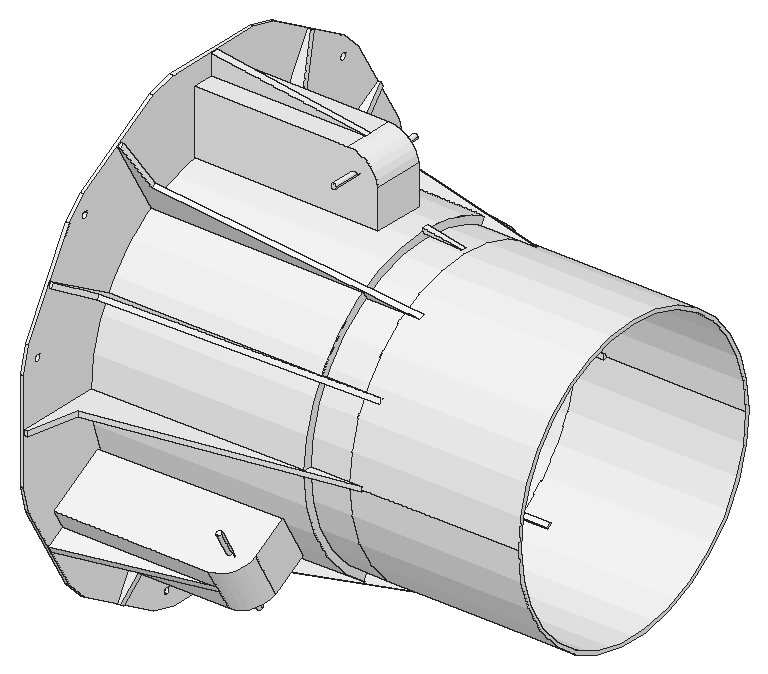
Revit family "H150S-RR", category Pipe Accessories, Revit 2016
Family settings
  Part Type = Normal
  Round Connector Dimension = Use Diameter
  Work Plane-Based = No
  Always vertical = No
  Cut with Voids When Loaded = Yes
  Shared = No
Parameters
  Cut Depth Offset [instance] = Cut Depth + 1 mm  # 1 mm
  Cut Depth [instance] = 0 mm
Reference planes
  plane 1 "Center (Front/Back)": y = 0
  plane 2: z = 0
  plane 3 "Center (Left/Right)": x = 21
  plane 4: x = -230
  plane 5: x = -80
  plane 6: y = 90.593
  plane 7: y = -50
  plane 8: y = 100.593
  plane 9: y = -60
  plane 10: x = -99.679
  plane 11: x = -79.975
Forms (mm)
  Revolve 1, solid, material "PVC-White", detail levels medium+fine
    sketch origin (0, 0, 0) x (1, 0, 0) y (0, 1, 0)
      loop
        line (-227.967, -90.913) -> (-102.967, -89.384) -> (-102.967, -84.925) -> (-79.996, -84.925) -> (21, -84.925) -> (21, -83.083) -> (-79.975, -83.083) -> (-105.12, -83.083) -> (-105.12, -86.915) -> (-230, -88.572) -> (-230, -143.5) -> (-227.967, -143.5) -> (-227.967, -90.913)
      axis (-230, 0) -> (21, 0)
    angle from 0 to 360
  Extrusion 2, void
    sketch origin (-227.967, 0, 0) x (0, 1, 0) y (0, 0, -1)
      loop
        line (-37.614, -140.376) -> (37.614, -140.376) -> (102.762, -102.762) -> (140.376, -37.614) -> (140.376, 37.614) -> (102.762, 102.762) -> (37.614, 140.376) -> (-37.614, 140.376) -> (-102.762, 102.762) -> (-140.376, 37.614) -> (-140.376, -37.614) -> (-102.762, -102.762) -> (-37.614, -140.376)
      loop
        circle (0, 0) r 162.092
    from 0 to 2.033
  Extrusion 3, void
    sketch origin (-227.967, 0, 0) x (0, 1, 0) y (0, 0, -1)
      loop
        circle (-95.441, -95.441) r 2.129
      loop
        circle (-130.375, -34.934) r 2.129
      loop
        circle (130.371, -34.948) r 2.129
      loop
        circle (95.43, -95.452) r 2.129
      loop
        circle (-34.934, 130.375) r 2.129
      loop
        circle (34.934, 130.375) r 2.129
    from 0 to 2.033
  Extrusion 4, solid, material "PVC-White", detail levels fine
    sketch origin (0, 0, 0) x (1, 0, 0) y (0, 0, 1)
      loop
        line (-79.996, 87.342) -> (-102.967, 91.303) -> (-102.967, 88.675) -> (-79.996, 87.342)
    from -1.5 to 1.5
  Extrusion 5, solid, material "PVC-White", detail levels fine
    sketch origin (0, 0, 0) x (1, 0, 0) y (0, 0, 1)
      loop
        line (-227.967, 140.376) -> (-227.967, 128.221) -> (-136.488, 128.221) -> (-227.967, 140.376)
    from -2 to 2
  Extrusion 6, solid, material "PVC-White", not visible, detail levels fine
    sketch origin (0, 0, 0) x (1, 0, 0) y (0, 0, 1)
      loop
        line (-80, 60.418) -> (-227.967, 86.048) -> (-227.967, 69.12) -> (-80, 60.418)
    from -1.5 to 1.5
  Extrusion 7, solid, material "PVC-White", not visible, detail levels fine
    sketch origin (0, 0, 0) x (1, 0, 0) y (0, -0.5, 0.866025)
      loop
        line (-80, 60.418) -> (-227.967, 86.048) -> (-227.967, 69.12) -> (-80, 60.418)
    from -1.5 to 1.5
  Extrusion 8, solid, material "PVC-White", not visible, detail levels fine
    sketch origin (0, 0, 0) x (1, 0, 0) y (0, -0.866025, 0.5)
      loop
        line (-80, 60.418) -> (-227.967, 86.048) -> (-227.967, 69.12) -> (-80, 60.418)
    from -1.5 to 1.5
  Extrusion 9, solid, material "PVC-White", not visible, detail levels fine
    sketch origin (0, 0, 0) x (0, -1, 0) y (-1, 0, 0)
      loop
        line (60.418, 80) -> (86.048, 227.967) -> (69.12, 227.967) -> (60.418, 80)
    from -1.5 to 1.5
  Extrusion 10, solid, material "PVC-White", not visible, detail levels fine
    sketch origin (0, 0, 0) x (1, 0, 0) y (0, -0.866025, -0.5)
      loop
        line (-80, 60.418) -> (-227.967, 86.048) -> (-227.967, 69.12) -> (-80, 60.418)
    from -1.5 to 1.5
  Extrusion 11, solid, material "PVC-White", not visible, detail levels fine
    sketch origin (0, 0, 0) x (1, 0, 0) y (0, -0.5, -0.866025)
      loop
        line (-80, 60.418) -> (-227.967, 86.048) -> (-227.967, 69.12) -> (-80, 60.418)
    from -1.5 to 1.5
  Extrusion 12, solid, material "PVC-White", not visible, detail levels fine
    sketch origin (0, 0, 0) x (1, 0, 0) y (0, 0, -1)
      loop
        line (-80, 60.418) -> (-227.967, 86.048) -> (-227.967, 69.12) -> (-80, 60.418)
    from -1.5 to 1.5
  Extrusion 13, solid, material "PVC-White", not visible, detail levels fine
    sketch origin (0, 0, 0) x (1, 0, 0) y (0, 0.5, -0.866025)
      loop
        line (-80, 60.418) -> (-227.967, 86.048) -> (-227.967, 69.12) -> (-80, 60.418)
    from -1.5 to 1.5
  Extrusion 14, solid, material "PVC-White", not visible, detail levels fine
    sketch origin (0, 0, 0) x (1, 0, 0) y (0, 0.866025, -0.5)
      loop
        line (-80, 60.418) -> (-227.967, 86.048) -> (-227.967, 69.12) -> (-80, 60.418)
    from -1.5 to 1.5
  Extrusion 15, solid, material "PVC-White", not visible, detail levels fine
    sketch origin (0, 0, 0) x (1, 0, 0) y (0, 1, 0)
      loop
        line (-80, 60.418) -> (-227.967, 86.048) -> (-227.967, 69.12) -> (-80, 60.418)
    from -1.5 to 1.5
  Extrusion 16, solid, material "PVC-White", not visible, detail levels fine
    sketch origin (0, 0, 0) x (1, 0, 0) y (0, 0.866025, 0.5)
      loop
        line (-80, 60.418) -> (-227.967, 86.048) -> (-227.967, 69.12) -> (-80, 60.418)
    from -1.5 to 1.5
  Extrusion 17, solid, material "PVC-White", not visible, detail levels fine
    sketch origin (0, 0, 0) x (1, 0, 0) y (0, 0.5, 0.866025)
      loop
        line (-80, 60.418) -> (-227.967, 86.048) -> (-227.967, 69.12) -> (-80, 60.418)
    from -1.5 to 1.5
  Extrusion 18, solid, material "PVC-White", detail levels fine
    sketch origin (24.405, 0, 35.275) x (1, 0, 0) y (0, 0, 1)
      loop
        circle (-157.362, 79.878) r 1.5
    from -30 to 30
  Extrusion 19, void
    sketch origin (21, 0, 0) x (0, 1, 0) y (0, 0, -1)
      loop
        circle (0, 0) r 120
    from 0 to 1 <- "Cut Depth Offset"
  Extrusion 20, solid, material "PVC-White", detail levels fine
    sketch origin (0, 0, -12.155) x (1, 0, 0) y (0, 0, 1)
      loop
        line (-227.967, 103.119) -> (-118.976, 101.786) -> (-118.976, 124.831)
        arc (-118.976, 124.831) -> (-124.78, 135.929) -> (-136.488, 140.376) r 17.637
        line (-136.488, 140.376) -> (-227.967, 140.376) -> (-227.967, 103.119)
    from -15 to 15
  Extrusion 21, solid, material "PVC-White", detail levels fine
    sketch origin (0, 0, 0) x (1, 0, 0) y (0, 0.866025, -0.5)
      loop
        line (-227.967, 140.376) -> (-227.967, 95.93) -> (-79.996, 87.342) -> (-219.126, 111.334) -> (-225.831, 140.376) -> (-227.967, 140.376)
    from -1.5 to 1.5
  Extrusion 22, solid, material "PVC-White", not visible, detail levels fine
    sketch origin (0, 0, 0) x (1, 0, 0) y (0, 0, 1)
      loop
        line (-227.967, 140.376) -> (-227.967, 128.221) -> (-136.488, 128.221) -> (-227.967, 140.376)
    from -2 to 2
  Extrusion 23, solid, material "PVC-White", not visible, detail levels fine
    sketch origin (24.405, 0, 35.275) x (1, 0, 0) y (0, 0, 1)
      loop
        circle (-157.362, 79.878) r 1.5
    from -30 to 30
  Extrusion 24, solid, material "PVC-White", not visible, detail levels fine
    sketch origin (0, 0, -12.155) x (1, 0, 0) y (0, 0, 1)
      loop
        line (-227.967, 103.119) -> (-118.976, 101.786) -> (-118.976, 124.831)
        arc (-118.976, 124.831) -> (-124.78, 135.929) -> (-136.488, 140.376) r 17.637
        line (-136.488, 140.376) -> (-227.967, 140.376) -> (-227.967, 103.119)
    from -15 to 15
  Extrusion 25, solid, material "PVC-White", detail levels fine
    sketch origin (0, 0, 0) x (1, 0, 0) y (0, 0.866025, -0.5)
      loop
        line (-227.967, 140.376) -> (-227.967, 128.221) -> (-136.488, 128.221) -> (-227.967, 140.376)
    from -2 to 2
  Extrusion 26, solid, material "PVC-White", detail levels fine
    sketch origin (24.405, 30.549, -17.637) x (1, 0, 0) y (0, 0.866025, -0.5)
      loop
        circle (-157.362, 79.878) r 1.5
    from -30 to 30
  Extrusion 27, solid, material "PVC-White", detail levels fine
    sketch origin (0, -10.526, 6.077) x (1, 0, 0) y (0, 0.866025, -0.5)
      loop
        line (-227.967, 103.119) -> (-118.976, 101.786) -> (-118.976, 124.831)
        arc (-118.976, 124.831) -> (-124.78, 135.929) -> (-136.488, 140.376) r 17.637
        line (-136.488, 140.376) -> (-227.967, 140.376) -> (-227.967, 103.119)
    from -15 to 15
  Extrusion 28, solid, material "PVC-White", detail levels fine
    sketch origin (0, 0, 0) x (1, 0, 0) y (0, -0.866025, -0.5)
      loop
        line (-227.967, 140.376) -> (-227.967, 128.221) -> (-136.488, 128.221) -> (-227.967, 140.376)
    from -2 to 2
  Extrusion 29, solid, material "PVC-White", detail levels fine
    sketch origin (24.405, -30.549, -17.637) x (1, 0, 0) y (0, -0.866025, -0.5)
      loop
        circle (-157.362, 79.878) r 1.5
    from -30 to 30
  Extrusion 30, solid, material "PVC-White", detail levels fine
    sketch origin (0, 10.526, 6.077) x (1, 0, 0) y (0, -0.866025, -0.5)
      loop
        line (-227.967, 103.119) -> (-118.976, 101.786) -> (-118.976, 124.831)
        arc (-118.976, 124.831) -> (-124.78, 135.929) -> (-136.488, 140.376) r 17.637
        line (-136.488, 140.376) -> (-227.967, 140.376) -> (-227.967, 103.119)
    from -15 to 15
  Extrusion 31, solid, material "PVC-White", detail levels fine
    sketch origin (0, 0, 0) x (1, 0, 0) y (0, 0, -1)
      loop
        line (-227.967, 140.376) -> (-227.967, 82.232) -> (-62.967, 82.232) -> (-62.967, 83.05) -> (-219.126, 111.334) -> (-225.831, 140.376) -> (-227.967, 140.376)
    from -1.5 to 1.5
  Extrusion 32, solid, material "PVC-White", detail levels fine
    sketch origin (0, 0, 0) x (1, 0, 0) y (0, 0.5, -0.866025)
      loop
        line (-227.967, 140.376) -> (-227.967, 82.232) -> (-62.967, 82.232) -> (-62.967, 83.05) -> (-219.126, 111.334) -> (-225.831, 140.376) -> (-227.967, 140.376)
    from -1.5 to 1.5
  Extrusion 33, solid, material "PVC-White", detail levels fine
    sketch origin (0, 0, 0) x (1, 0, 0) y (0, 1, 0)
      loop
        line (-227.967, 140.376) -> (-227.967, 82.232) -> (-62.967, 82.232) -> (-62.967, 83.05) -> (-219.126, 111.334) -> (-225.831, 140.376) -> (-227.967, 140.376)
    from -1.5 to 1.5
  Extrusion 34, solid, material "PVC-White", detail levels fine
    sketch origin (0, 0, 0) x (1, 0, 0) y (0, 0.866025, 0.5)
      loop
        line (-227.967, 140.376) -> (-227.967, 82.232) -> (-62.967, 82.232) -> (-62.967, 83.05) -> (-219.126, 111.334) -> (-225.831, 140.376) -> (-227.967, 140.376)
    from -1.5 to 1.5
  Extrusion 35, solid, material "PVC-White", detail levels fine
    sketch origin (0, 0, 0) x (1, 0, 0) y (0, 0.5, 0.866025)
      loop
        line (-227.967, 140.376) -> (-227.967, 82.232) -> (-62.967, 82.232) -> (-62.967, 83.05) -> (-219.126, 111.334) -> (-225.831, 140.376) -> (-227.967, 140.376)
    from -1.5 to 1.5
  Extrusion 36, solid, material "PVC-White", detail levels fine
    sketch origin (0, 0, 0) x (1, 0, 0) y (0, -0.5, 0.866025)
      loop
        line (-227.967, 140.376) -> (-227.967, 82.232) -> (-62.967, 82.232) -> (-62.967, 83.05) -> (-219.126, 111.334) -> (-225.831, 140.376) -> (-227.967, 140.376)
    from -1.5 to 1.5
  Extrusion 37, solid, material "PVC-White", detail levels fine
    sketch origin (0, 0, 0) x (1, 0, 0) y (0, -0.866025, 0.5)
      loop
        line (-227.967, 140.376) -> (-227.967, 82.232) -> (-62.967, 82.232) -> (-62.967, 83.05) -> (-219.126, 111.334) -> (-225.831, 140.376) -> (-227.967, 140.376)
    from -1.5 to 1.5
  Extrusion 38, solid, material "PVC-White", detail levels fine
    sketch origin (0, 0, 0) x (0, -1, 0) y (-1, 0, 0)
      loop
        line (140.376, 227.967) -> (82.232, 227.967) -> (82.232, 62.967) -> (83.05, 62.967) -> (111.334, 219.126) -> (140.376, 225.831) -> (140.376, 227.967)
    from -1.5 to 1.5
  Extrusion 39, solid, material "PVC-White", detail levels fine
    sketch origin (0, 0, 0) x (1, 0, 0) y (0, -0.5, -0.866025)
      loop
        line (-227.967, 140.376) -> (-227.967, 82.232) -> (-62.967, 82.232) -> (-62.967, 83.05) -> (-219.126, 111.334) -> (-225.831, 140.376) -> (-227.967, 140.376)
    from -1.5 to 1.5
Cuts and joins
  Extrusion 2, Extrusion 3, Extrusion 19 cuts Revolve 1
Dimensions and locks
  Extrusion 6 sketch curve to Extrusion 6 sketch curve = 0 mm
  Extrusion 7 sketch curve to Extrusion 7 sketch curve = 0 mm
  Extrusion 8 sketch curve to Extrusion 8 sketch curve = 0 mm
  Extrusion 9 sketch curve to Extrusion 9 sketch curve = 0 mm
  Extrusion 10 sketch curve to Extrusion 10 sketch curve = 0 mm
  Extrusion 11 sketch curve to Extrusion 11 sketch curve = 0 mm
  Extrusion 12 sketch curve to Extrusion 12 sketch curve = 0 mm
  Extrusion 13 sketch curve to Extrusion 13 sketch curve = 0 mm
  Extrusion 14 sketch curve to Extrusion 14 sketch curve = 0 mm
  Extrusion 15 sketch curve to Extrusion 15 sketch curve = 0 mm
  Extrusion 16 sketch curve to Extrusion 16 sketch curve = 0 mm
  Extrusion 17 sketch curve to Extrusion 17 sketch curve = 0 mm
  plane 4 to cut or joined group of Revolve 1, Extrusion 2, Extrusion 3, Extrusion 19 = 250 mm
  aligned and locked: level to plane 2
  aligned and locked: plane 1 "Center (Front/Back)" to Revolve 1 sketch curve
  aligned and locked: plane 3 "Center (Left/Right)" to Extrusion 19
Connectors
  piping at (-99.679, 0, 0), diameter 100
    settings: on plane 10, index 4, connector inside diameter 609.6 mm, connector length 0 mm, flow factor 0, pipe flow 0.0 L/s, pressure drop 0.0 Pa, fitting loss kfactor 0, connector angle 0.00°, fixture units 0, engagement length 0 mm, angle of deflection 0.00°, flow configuration 0, flow direction 0, fitting loss method 0, system type 7, joint type 0, gender type 0, connector reference index -1, connector utility 0, adjustable connector no, is connector primary yes, connector description ""
  piping at (-80, 0, 0), diameter 100
    settings: on plane 5, index 5, connector inside diameter 609.6 mm, connector length 0 mm, flow factor 0, pipe flow 0.0 L/s, pressure drop 0.0 Pa, fitting loss kfactor 0, connector angle 0.00°, fixture units 0, engagement length 0 mm, angle of deflection 0.00°, flow configuration 0, flow direction 0, fitting loss method 0, system type 7, joint type 0, gender type 0, connector reference index -1, connector utility 0, adjustable connector no, is connector primary no, connector description ""
